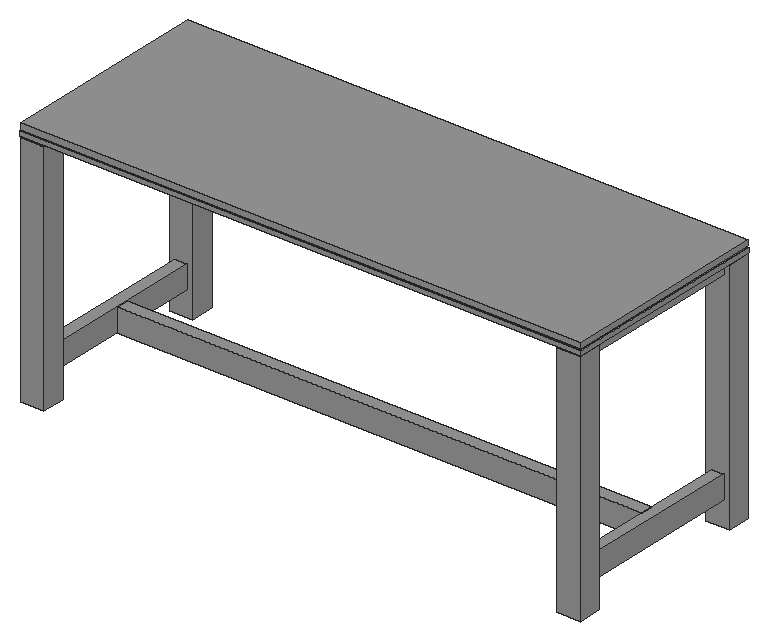
Revit family "GD10 1600-2400 x  1070 High Tables", category Furniture, Revit 2019
Family settings
  OmniClass Number = 23.40.20.00
  OmniClass Title = General Furniture and Specialties
  Work Plane-Based = No
  Always vertical = Yes
  Cut with Voids When Loaded = No
  Shared = No
  Room Calculation Point = No
Parameters (values of type "2400 x 900 x 1070")
  Width = 2400 mm
  URL = "www.gof.co.uk"
  Table Top = Gresham - SOLID OAK
  Range = "GD10"
  Rails Control [instance] = if(Depth < 1200 mm, 300 mm, (if(Depth > 900 mm, 340 mm, Depth)))  # 300 mm
  Product Code = "GD10C5"
  Manufacturer = "Gresham Office Furniture"  # constant formula
  Height = 1070 mm
  Frame = Gresham - SOLID OAK
  Depth = 900 mm
  Cross Rails Control [instance] = if(Width < 1999 mm, 575 mm, (if(Width = 2000 mm, 775 mm, (if(Width = 2200 mm, 1175 mm, (if(Width = 2400 mm, 1575 mm, 1575 mm)))))))  # 1575 mm
  Central Cross Rail = yes
  Assembly Code = "E2020200"
  1100 High Bottom Rail = yes
Types (11, lengths in mm): name | Width | Rails Control | Product Code | Height | Depth | Cross Rails Control | Central Cross Rail
  (no name) | 2400 | 300 | "GD10C5" | 1070 | 900 | 1575 | yes
  1600 x 900 x 1070 | 1600 | 300 | "GD10C1" | 1070 | 900 | 575 | no
  1800 x 900 x 1070 | 1800 | 300 | "GD10C2" | 1070 | 900 | 575 | no
  2000 x 900 x 1070 | 2000 | 300 | "GD10C3" | 1070 | 900 | 775 | no
  2200 x 900 x 1070 | 2200 | 300 | "GD10C4" | 1070 | 900 | 1175 | yes
  2400 x 900 x 1070 | 2400 | 300 | "GD10C5" | 1070 | 900 | 1575 | yes
  1600 x 1200 x 1070 | 1600 | 340 | "GD10D1" | 742 | 1200 | 575 | no
  1800 x 1200 x 1070 | 1800 | 340 | "GD10D2" | 1070 | 1200 | 575 | no
  2000 x 1200 x 1070 | 2000 | 340 | "GD10D3" | 1070 | 1200 | 775 | no
  2200 x 1200 x 1070 | 2200 | 340 | "GD10D4" | 1070 | 1200 | 1175 | yes
  2400 x 1200 x 1070 | 2400 | 340 | "GD10D5" | 1070 | 1200 | 1575 | yes
Reference planes
  plane 1 "Center (Front/Back)": y = 0
  plane 2: z = 0
  plane 3 "Center (Left/Right)": x = 0
  plane 4: x = 1200
  plane 5: x = -1200
  plane 6: y = 450
  plane 7: y = -450
  plane 8 "Table Underside": z = 1045
  plane 9 "Height": z = 1070
Forms (mm)
  Extrusion 1, solid, material "Gresham - SOLID OAK" <- "Table Top"
    sketch origin (0, 0, 1045) x (-1, 0, 0) y (0, -1, 0)
      loop
        line (-1200, -450) -> (1200, -450) -> (1200, 450) -> (-1200, 450) -> (-1200, -450)
    from 0 to 25
  Extrusion 2, solid, material "Gresham - SOLID OAK" <- "Frame"
    sketch origin (-377.446, 134.939, -0.834) x (0, 1, 0) y (0, 0, 1)
      loop
        line (-34.939, 1045.834) -> (-34.939, 970.834) -> (15.061, 970.834) -> (15.061, 1045.834) -> (-34.939, 1045.834)
    from -747.554 to 1502.446
  Extrusion 3, solid, material "Gresham - SOLID OAK" <- "Frame"
    sketch origin (-377.446, -134.939, -0.834) x (0, -1, 0) y (0, 0, -1)
      loop
        line (-34.939, -1045.834) -> (15.061, -1045.834) -> (15.061, -970.834) -> (-34.939, -970.834) -> (-34.939, -1045.834)
    from -747.554 to 1502.446
  Extrusion 4, solid, material "Gresham - SOLID OAK" <- "Frame"
    sketch origin (940, -36.847, 0) x (1, 0, 0) y (0, 1, 0)
      loop
        line (-1752.5, 461.847) -> (-1752.5, -388.153) -> (-1727.5, -388.153) -> (-1727.5, 461.847) -> (-1752.5, 461.847)
    from 1020 to 1045
  Extrusion 5, solid, material "Gresham - SOLID OAK" <- "Frame"
    sketch origin (711.072, -1.847, 0) x (1, 0, 0) y (0, 1, 0)
      loop
        line (76.428, 426.847) -> (76.428, -423.153) -> (101.428, -423.153) -> (101.428, 426.847) -> (76.428, 426.847)
    from 1020 to 1045
  Extrusion 6, solid, material "Gresham - SOLID OAK" <- "Frame", visible <- "Central Cross Rail"
    sketch origin (1740, -36.847, 0) x (1, 0, 0) y (0, 1, 0)
      loop
        line (-1752.5, 461.847) -> (-1752.5, -388.153) -> (-1727.5, -388.153) -> (-1727.5, 461.847) -> (-1752.5, 461.847)
    from 1020 to 1045
  Extrusion 7, solid, material "Gresham - SOLID OAK" <- "Frame"
    sketch origin (0, 0, 0) x (1, 0, 0) y (0, 1, 0)
      loop
        line (1200, 450) -> (-1200, 450) -> (-1200, -450) -> (1200, -450) -> (1200, 450)
      loop
        line (1175, 425) -> (-1175, 425) -> (-1175, -425) -> (1175, -425) -> (1175, 425)
    from 1020 to 1040
  Extrusion 8, solid, material "Gresham - SOLID OAK" <- "Frame"
    sketch origin (0, 0, 0) x (1, 0, 0) y (0, 1, 0)
      loop
        line (1195, -445) -> (1195, 445) -> (-1195, 445) -> (-1195, -445) -> (1195, -445)
      loop
        line (1175, 425) -> (-1175, 425) -> (-1175, -425) -> (1175, -425) -> (1175, 425)
    from 1020 to 1045
  Extrusion 9, solid, material "Gresham - SOLID OAK" <- "Frame", visible <- "1100 High Bottom Rail"
    sketch origin (-377.446, -9.939, -0.834) x (0, -1, 0) y (0, 0, -1)
      loop
        line (-34.939, -205.834) -> (15.061, -205.834) -> (15.061, -105.834) -> (-34.939, -105.834) -> (-34.939, -205.834)
    from -747.554 to 1502.446
Dimensions and locks
  equal spacing: plane 5, plane 3 "Center (Left/Right)", plane 4
  "Width": plane 5 to plane 4
  equal spacing: plane 7, plane 1 "Center (Front/Back)", plane 6
  "Depth": plane 7 to plane 6
  "Height": plane 9 "Height" to level
  locked: Extrusion 2 to plane 4 at 75
  locked: plane 5 to Extrusion 2 at 75
  locked: Extrusion 2 to Extrusion 2 at 50
  locked: Extrusion 2 to Extrusion 1 at 75
  locked: Extrusion 3 to Extrusion 3 at 50
  locked: Extrusion 3 to Extrusion 1 at 75
  "Rails Control": Extrusion 2 to plane 6
  "Rails Control": Extrusion 3 to plane 7
  plane 1 "Center (Front/Back)" to Extrusion 2 = 100 mm
  Extrusion 3 to plane 1 "Center (Front/Back)" = 100 mm
  locked: Extrusion 4 to Extrusion 4 at 25  (x2)
  locked: Extrusion 5 to Extrusion 5 at 25  (x2)
  equal spacing: Extrusion 4, plane 3 "Center (Left/Right)", Extrusion 5
  locked: Extrusion 5 to plane 6 at 25
  locked: Extrusion 5 to plane 7 at 25
  "Cross Rails Control": Extrusion 4 to Extrusion 5
  locked: Extrusion 6 to Extrusion 6 at 25  (x2)
  nested 2 to Extrusion 7 = 5 mm
  plane 8 "Table Underside" to Extrusion 7 = 5 mm
  Extrusion 8 to plane 4 = 5 mm
  Extrusion 8 to Extrusion 8 = 20 mm  (x3)
  plane 7 to Extrusion 8 = 5 mm
  plane 5 to Extrusion 8 = 5 mm
  locked: plane 8 "Table Underside" to Extrusion 7 at 5
  locked: plane 9 "Height" to plane 8 "Table Underside" at 25
  locked: Extrusion 7 to Extrusion 7 at 20
  Extrusion 8 to nested 2 = 30 mm
  locked: Extrusion 8 to Extrusion 8 at 25
  locked: Extrusion 9 to Extrusion 9 at 50
  locked: Extrusion 9 to level at 105
  aligned and locked: level to plane 2
  aligned and locked: Extrusion 1 to plane 9 "Height"
  aligned and locked: plane 8 "Table Underside" to Extrusion 1
  aligned and locked: Extrusion 3 to Extrusion 2
  aligned and locked: Extrusion 2 to Extrusion 3
  aligned and locked: Extrusion 4 to Extrusion 1
  aligned and locked: Extrusion 5 to Extrusion 4
  aligned and locked: Extrusion 4 to Extrusion 5
  aligned and locked: nested 2 to plane 8 "Table Underside"  (x2)
  aligned and locked: plane 8 "Table Underside" to Extrusion 8
  aligned and locked: plane 8 "Table Underside" to Extrusion 5
  aligned and locked: Extrusion 2 to Extrusion 9
  aligned and locked: Extrusion 9 to Extrusion 2
  aligned and locked: plane 8 "Table Underside" to Extrusion 6
  aligned and locked: plane 8 "Table Underside" to nested 1
Automatic sketch dimensions
  Extrusion 1 sketch curve to plane 4 = 0 mm
  Extrusion 1 sketch curve to plane 5 = 0 mm
  plane 6 to Extrusion 1 sketch curve = 0 mm
  Extrusion 1 sketch curve to plane 7 = 0 mm
  Extrusion 2 sketch curve to plane 8 "Table Underside" = 0 mm
  Extrusion 2 sketch curve to plane 1 "Center (Front/Back)" = 100 mm
  Extrusion 2 sketch curve to Extrusion 2 sketch curve = 50 mm
  Extrusion 2 sketch curve to Extrusion 2 sketch curve = 75 mm
  Extrusion 3 sketch curve to plane 8 "Table Underside" = 0 mm
  plane 1 "Center (Front/Back)" to Extrusion 3 sketch curve = 100 mm
  Extrusion 3 sketch curve to Extrusion 3 sketch curve = 50 mm
  Extrusion 3 sketch curve to Extrusion 3 sketch curve = 75 mm
  plane 7 to Extrusion 4 sketch curve = 25 mm
  Extrusion 4 sketch curve to plane 3 "Center (Left/Right)" = 812.5 mm
  Extrusion 4 sketch curve to Extrusion 4 sketch curve = 25 mm
  plane 6 to Extrusion 4 sketch curve = 25 mm
  plane 7 to Extrusion 5 sketch curve = 25 mm
  plane 3 "Center (Left/Right)" to Extrusion 5 sketch curve = 787.5 mm
  Extrusion 5 sketch curve to Extrusion 5 sketch curve = 25 mm
  plane 6 to Extrusion 5 sketch curve = 25 mm
  Extrusion 6 sketch curve to plane 3 "Center (Left/Right)" = 12.5 mm
  plane 3 "Center (Left/Right)" to Extrusion 6 sketch curve = 12.5 mm
  plane 7 to Extrusion 6 sketch curve = 25 mm
  plane 6 to Extrusion 6 sketch curve = 25 mm
  Extrusion 7 sketch curve to plane 5 = 0 mm
  Extrusion 7 sketch curve to plane 4 = 0 mm
  Extrusion 7 sketch curve to plane 7 = 0 mm
  plane 6 to Extrusion 7 sketch curve = 0 mm
  plane 5 to Extrusion 7 sketch curve = 25 mm
  Extrusion 7 sketch curve to plane 4 = 25 mm
  plane 7 to Extrusion 7 sketch curve = 25 mm
  plane 6 to Extrusion 7 sketch curve = 25 mm
  plane 5 to Extrusion 8 sketch curve = 5 mm
  plane 5 to Extrusion 8 sketch curve = 25 mm
  Extrusion 8 sketch curve to plane 4 = 25 mm
  Extrusion 8 sketch curve to plane 4 = 5 mm
  plane 7 to Extrusion 8 sketch curve = 5 mm
  plane 7 to Extrusion 8 sketch curve = 25 mm
  plane 6 to Extrusion 8 sketch curve = 25 mm
  plane 6 to Extrusion 8 sketch curve = 5 mm
  Extrusion 9 sketch curve to plane 8 "Table Underside" = 840 mm
  Extrusion 9 sketch curve to plane 1 "Center (Front/Back)" = 25 mm
  plane 1 "Center (Front/Back)" to Extrusion 9 sketch curve = 25 mm
  Extrusion 9 sketch curve to Extrusion 9 sketch curve = 100 mm
Nested families
  nested 1: "GD10 Legs" at (0, 0, 0), type "GD10 Legs"
    with Width 2400 mm, Height 1070 mm
  nested 2: "GD10 Legs" at (0, 0, 0) x (-1, 0, 0) z (0, 0, 1), type "GD10 Legs"
    with Width 2400 mm, Height 1070 mm
Definition of nested family "GD10 Legs"
  Parameters (values of type "GD10 Legs")
    Width = 1600 mm
    URL = "www.gof.co.uk"
    Table Top = none
    Range = "GD10"
    Product Code = ""
    Metal Plate = none
    Manufacturer = "Gresham Office Furniture"  # constant formula
    Height = 1000 mm
    Frame = none
    Depth = 900 mm
    Assembly Code = "E2020200"
  Reference planes
    plane 1 "Center (Front/Back)": y = 0
    plane 2: z = 0
    plane 3 "Center (Left/Right)": x = 0
    plane 4: x = 800
    plane 5: x = -800
    plane 6: y = 450
    plane 7: y = -450
    plane 8 "Table Underside": z = 975
    plane 9 "Height": z = 1000
    plane 10: z = 945
  Forms (mm)
    Extrusion 1, solid, material <- "Frame"
      sketch origin (0, -5, 0) x (1, 0, 0) y (0, 1, 0)
        loop
          line (800, 455) -> (700, 455) -> (700, 355) -> (800, 355) -> (800, 455)
      from 0 to 945
    Extrusion 2, solid, material <- "Frame"
      sketch origin (0, -2.338, 945) x (1, 0, 0) y (0, 1, 0)
        loop
          line (700, 352.338) -> (795, 352.338) -> (795, 447.338) -> (700, 447.338) -> (700, 352.338)
      from 0 to 5
    Extrusion 3, solid, material <- "Frame"
      sketch origin (0, -2.338, 950) x (1, 0, 0) y (0, 1, 0)
        loop
          line (700, 352.338) -> (775, 352.338) -> (775, 427.338) -> (700, 427.338) -> (700, 352.338)
      from 0 to 19
    Extrusion 4, solid, material <- "Frame"
      sketch origin (0, 5, 0) x (1, 0, 0) y (0, 1, 0)
        loop
          line (800, -455) -> (800, -355) -> (700, -355) -> (700, -455) -> (800, -455)
      from 0 to 945
    Extrusion 5, solid, material <- "Frame"
      sketch origin (0, 2.338, 945) x (1, 0, 0) y (0, 1, 0)
        loop
          line (700, -352.338) -> (700, -447.338) -> (795, -447.338) -> (795, -352.338) -> (700, -352.338)
      from 0 to 5
    Extrusion 6, solid, material <- "Frame"
      sketch origin (0, 2.338, 950) x (1, 0, 0) y (0, 1, 0)
        loop
          line (700, -352.338) -> (700, -427.338) -> (775, -427.338) -> (775, -352.338) -> (700, -352.338)
      from 0 to 19
    Extrusion 7, solid, material <- "Metal Plate"
      sketch origin (-45, 2.338, 969) x (1, 0, 0) y (0, 1, 0)
        loop
          line (700, -307.182) -> (700, -427.338) -> (820, -427.338) -> (820, -307.182) -> (700, -307.182)
      from 0 to 6
    Extrusion 8, solid, material <- "Frame"
      sketch origin (825, 350, 105) x (0, 0, 1) y (0, -1, 0)
        loop
          line (0, 0) -> (100, 0) -> (100, 700) -> (0, 700) -> (0, 0)
        loop
          line (795, 0) -> (864, 0) -> (864, 45.156) -> (870, 45.156) -> (870, 654.844) -> (864, 654.844) -> (864, 700) -> (795, 700) -> (795, 0)
      from -100 to -50
    Extrusion 9, solid, material <- "Metal Plate"
      sketch origin (0, 0, 0) x (1, 0, 0) y (0, 1, 0)
        loop
          line (775, 425) -> (655, 425) -> (655, 304.844) -> (775, 304.844) -> (775, 425)
      from 969 to 975
  Cuts and joins
    joined: Extrusion 1, Extrusion 2
  Dimensions and locks
    equal spacing: plane 5, plane 3 "Center (Left/Right)", plane 4
    "Width": plane 5 to plane 4
    equal spacing: plane 7, plane 1 "Center (Front/Back)", plane 6
    "Depth": plane 7 to plane 6
    "Height": plane 9 "Height" to level
    cut or joined group of Extrusion 1, Extrusion 2 to cut or joined group of Extrusion 1, Extrusion 2 = 100 mm  (x2)
    Extrusion 4 to Extrusion 4 = 100 mm  (x2)
    plane 9 "Height" to plane 8 "Table Underside" to plane 10 = 25 mm locked, 30 mm locked
    locked: Extrusion 8 to plane 4 at 25
    locked: Extrusion 8 to Extrusion 8 at 50
    locked: Extrusion 9 to Extrusion 9 at 6
    locked: Extrusion 7 to Extrusion 7 at 6
    locked: Extrusion 8 to level at 105
    aligned and locked: level to plane 2
    aligned and locked: plane 8 "Table Underside" to Extrusion 8
    aligned and locked: cut or joined group of Extrusion 1, Extrusion 2 to Extrusion 4
    aligned and locked: Extrusion 4 to plane 10
    aligned and locked: Extrusion 9 to Extrusion 3
  Automatic sketch dimensions
    plane 6 to Extrusion 1 sketch curve = 0 mm
    Extrusion 1 sketch curve to plane 4 = 0 mm
    Extrusion 1 sketch curve to plane 4 = 100 mm
    Extrusion 1 sketch curve to Extrusion 1 sketch curve = 100 mm
    Extrusion 2 sketch curve to Extrusion 1 = 0 mm
    Extrusion 1 to Extrusion 2 sketch curve = 0 mm
    Extrusion 2 sketch curve to Extrusion 1 = 5 mm  (x2)
    Extrusion 3 sketch curve to Extrusion 2 = 0 mm
    Extrusion 2 to Extrusion 3 sketch curve = 0 mm
    Extrusion 3 sketch curve to Extrusion 2 = 20 mm  (x2)
    Extrusion 4 sketch curve to plane 7 = 0 mm
    Extrusion 4 sketch curve to plane 4 = 0 mm
    plane 4 to Extrusion 4 sketch curve = 100 mm
    Extrusion 4 sketch curve to Extrusion 4 sketch curve = 100 mm
    Extrusion 5 sketch curve to Extrusion 4 = 0 mm  (x2)
    Extrusion 4 to Extrusion 5 sketch curve = 5 mm  (x2)
    Extrusion 6 sketch curve to Extrusion 5 = 0 mm  (x2)
    Extrusion 5 to Extrusion 6 sketch curve = 20 mm  (x2)
    Extrusion 8 sketch curve to plane 8 "Table Underside" = 0 mm
    Extrusion 8 sketch curve to plane 8 "Table Underside" = 6 mm  (x2)
    plane 10 to Extrusion 8 sketch curve = 45 mm
    plane 6 to Extrusion 8 sketch curve = 100 mm  (x2)
    level to Extrusion 8 sketch curve = 205 mm
    Extrusion 8 sketch curve to Extrusion 8 sketch curve = 100 mm
    Extrusion 8 sketch curve to Extrusion 8 sketch curve = 45.156 mm  (x2)
    plane 7 to Extrusion 8 sketch curve = 145.156 mm
    plane 7 to Extrusion 8 sketch curve = 100 mm
    Extrusion 7 sketch curve to Extrusion 6 = 0 mm  (x2)
    Extrusion 7 sketch curve to Extrusion 6 = 45 mm
    Extrusion 7 sketch curve to Extrusion 6 = 45.156 mm
    plane 6 to Extrusion 9 sketch curve = 25 mm
    Extrusion 9 sketch curve to plane 4 = 145 mm
    Extrusion 9 sketch curve to plane 4 = 25 mm
    Extrusion 9 sketch curve to Extrusion 9 sketch curve = 120.156 mm
